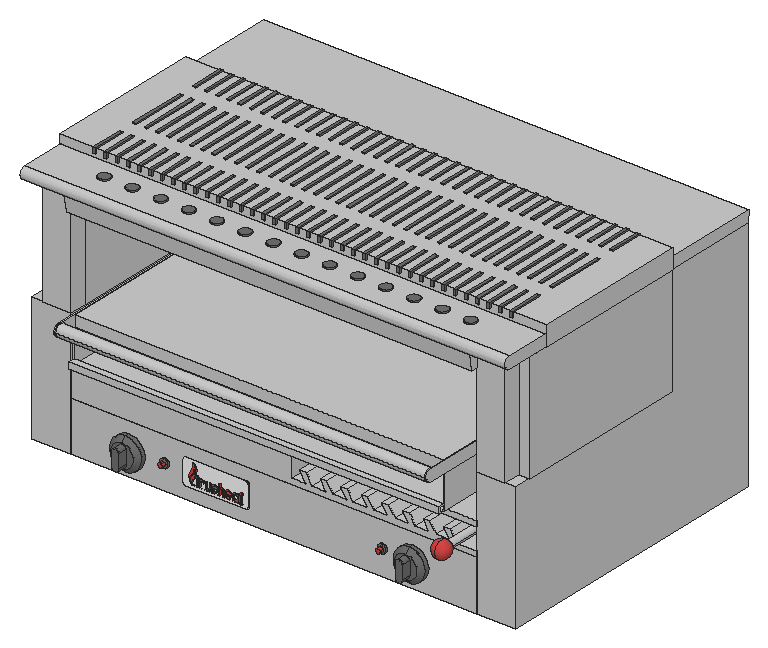
Revit family "QF_COMCATER ALL BRANDS_S86", category Specialty Equipment, Revit 2014 (continued)
Definition of nested family "QF_COMCATER ALL BRANDS_S86_Natural Gas"
  Lines and regions (mm)
    symbolic lines, style "200-EquipInternal-2D"
      curve 217: line (482.5, -485, 0) -> (482.5, -426.5, 0)
      curve 218: line (497.5, -426.5, 0) -> (497.5, -485, 0)
      curve 219: line (502.5, -485, 0) -> (502.5, -426.5, 0)
      curve 220: line (517.5, -426.5, 0) -> (517.5, -485, 0)
      curve 221: line (522.5, -485, 0) -> (522.5, -426.5, 0)
      curve 222: line (537.5, -426.5, 0) -> (537.5, -485, 0)
      curve 223: line (542.5, -485, 0) -> (542.5, -426.5, 0)
      curve 224: line (557.5, -426.5, 0) -> (557.5, -485, 0)
      curve 225: line (562.5, -485, 0) -> (562.5, -426.5, 0)
      curve 226: line (577.5, -426.5, 0) -> (577.5, -485, 0)
      curve 227: line (582.5, -485, 0) -> (582.5, -426.5, 0)
      curve 228: line (597.5, -426.5, 0) -> (597.5, -485, 0)
      curve 229: line (602.5, -485, 0) -> (602.5, -426.5, 0)
      curve 230: line (622.5, -485, 0) -> (622.5, -426.5, 0)
      curve 231: line (617.5, -426.5, 0) -> (617.5, -485, 0)
      curve 232: line (637.5, -426.5, 0) -> (637.5, -485, 0)
      curve 233: line (642.5, -485, 0) -> (642.5, -426.5, 0)
      curve 234: line (657.5, -426.5, 0) -> (657.5, -485, 0)
      curve 235: line (662.5, -485, 0) -> (662.5, -426.5, 0)
      curve 236: line (682.5, -485, 0) -> (682.5, -426.5, 0)
      curve 237: line (677.5, -426.5, 0) -> (677.5, -485, 0)
      curve 238: line (697.5, -426.5, 0) -> (697.5, -485, 0)
      curve 239: line (702.5, -485, 0) -> (702.5, -426.5, 0)
      curve 240: line (717.5, -426.5, 0) -> (717.5, -485, 0)
      curve 241: line (722.5, -485, 0) -> (722.5, -426.5, 0)
      curve 242: line (742.5, -485, 0) -> (742.5, -426.5, 0)
      curve 243: line (737.5, -426.5, 0) -> (737.5, -485, 0)
      curve 244: line (762.5, -485, 0) -> (762.5, -426.5, 0)
      curve 245: line (757.5, -426.5, 0) -> (757.5, -485, 0)
      curve 246: line (777.5, -426.5, 0) -> (777.5, -485, 0)
      curve 247: line (782.5, -485, 0) -> (782.5, -426.5, 0)
      curve 248: line (797.5, -426.5, 0) -> (797.5, -485, 0)
      curve 249: line (802.5, -485, 0) -> (802.5, -426.5, 0)
      curve 250: line (817.5, -426.5, 0) -> (817.5, -485, 0)
      curve 251: line (822.5, -485, 0) -> (822.5, -426.5, 0)
      curve 252: line (82.5, -396.5, 0) -> (77.5, -396.5, 0)
      curve 253: line (102.5, -396.5, 0) -> (97.5, -396.5, 0)
      curve 254: line (122.5, -396.5, 0) -> (117.5, -396.5, 0)
      curve 255: line (142.5, -396.5, 0) -> (137.5, -396.5, 0)
      curve 256: line (162.5, -396.5, 0) -> (157.5, -396.5, 0)
      curve 257: line (182.5, -396.5, 0) -> (177.5, -396.5, 0)
      curve 258: line (222.5, -396.5, 0) -> (217.5, -396.5, 0)
      curve 259: line (202.5, -396.5, 0) -> (197.5, -396.5, 0)
      curve 260: line (242.5, -396.5, 0) -> (237.5, -396.5, 0)
      curve 261: line (262.5, -396.5, 0) -> (257.5, -396.5, 0)
      curve 262: line (282.5, -396.5, 0) -> (277.5, -396.5, 0)
      curve 263: line (302.5, -396.5, 0) -> (297.5, -396.5, 0)
      curve 264: line (322.5, -396.5, 0) -> (317.5, -396.5, 0)
      curve 265: line (342.5, -396.5, 0) -> (337.5, -396.5, 0)
      curve 266: line (362.5, -396.5, 0) -> (357.5, -396.5, 0)
      curve 267: line (382.5, -396.5, 0) -> (377.5, -396.5, 0)
      curve 268: line (402.5, -396.5, 0) -> (397.5, -396.5, 0)
      curve 269: line (422.5, -396.5, 0) -> (417.5, -396.5, 0)
      curve 270: line (442.5, -396.5, 0) -> (437.5, -396.5, 0)
      curve 271: line (462.5, -396.5, 0) -> (457.5, -396.5, 0)
      curve 272: line (482.5, -396.5, 0) -> (477.5, -396.5, 0)
      curve 273: line (502.5, -396.5, 0) -> (497.5, -396.5, 0)
      curve 274: line (522.5, -396.5, 0) -> (517.5, -396.5, 0)
      curve 275: line (542.5, -396.5, 0) -> (537.5, -396.5, 0)
      curve 276: line (562.5, -396.5, 0) -> (557.5, -396.5, 0)
      curve 277: line (582.5, -396.5, 0) -> (577.5, -396.5, 0)
      curve 278: line (602.5, -396.5, 0) -> (597.5, -396.5, 0)
      curve 279: line (622.5, -396.5, 0) -> (617.5, -396.5, 0)
      curve 280: line (642.5, -396.5, 0) -> (637.5, -396.5, 0)
      curve 281: line (662.5, -396.5, 0) -> (657.5, -396.5, 0)
      curve 282: line (682.5, -396.5, 0) -> (677.5, -396.5, 0)
      curve 283: line (702.5, -396.5, 0) -> (697.5, -396.5, 0)
      curve 284: line (722.5, -396.5, 0) -> (717.5, -396.5, 0)
      curve 285: line (742.5, -396.5, 0) -> (737.5, -396.5, 0)
      curve 286: line (762.5, -396.5, 0) -> (757.5, -396.5, 0)
      curve 287: line (782.5, -396.5, 0) -> (777.5, -396.5, 0)
      curve 288: line (822.5, -396.5, 0) -> (817.5, -396.5, 0)
      curve 289: line (802.5, -396.5, 0) -> (797.5, -396.5, 0)
      curve 298: line (82.5, -263.5, 0) -> (77.5, -263.5, 0)
      curve 299: line (102.5, -263.5, 0) -> (97.5, -263.5, 0)
      curve 300: line (122.5, -263.5, 0) -> (117.5, -263.5, 0)
      curve 301: line (142.5, -263.5, 0) -> (137.5, -263.5, 0)
      curve 302: line (162.5, -263.5, 0) -> (157.5, -263.5, 0)
      curve 303: line (182.5, -263.5, 0) -> (177.5, -263.5, 0)
      curve 304: line (222.5, -263.5, 0) -> (217.5, -263.5, 0)
      curve 305: line (202.5, -263.5, 0) -> (197.5, -263.5, 0)
      curve 306: line (242.5, -263.5, 0) -> (237.5, -263.5, 0)
      curve 307: line (262.5, -263.5, 0) -> (257.5, -263.5, 0)
      curve 308: line (282.5, -263.5, 0) -> (277.5, -263.5, 0)
      curve 309: line (302.5, -263.5, 0) -> (297.5, -263.5, 0)
      curve 310: line (322.5, -263.5, 0) -> (317.5, -263.5, 0)
      curve 311: line (342.5, -263.5, 0) -> (337.5, -263.5, 0)
      curve 312: line (362.5, -263.5, 0) -> (357.5, -263.5, 0)
      curve 313: line (382.5, -263.5, 0) -> (377.5, -263.5, 0)
      curve 314: line (402.5, -263.5, 0) -> (397.5, -263.5, 0)
      curve 315: line (422.5, -263.5, 0) -> (417.5, -263.5, 0)
      curve 316: line (442.5, -263.5, 0) -> (437.5, -263.5, 0)
      curve 317: line (462.5, -263.5, 0) -> (457.5, -263.5, 0)
      curve 318: line (482.5, -263.5, 0) -> (477.5, -263.5, 0)
      curve 319: line (502.5, -263.5, 0) -> (497.5, -263.5, 0)
      curve 320: line (522.5, -263.5, 0) -> (517.5, -263.5, 0)
      curve 321: line (542.5, -263.5, 0) -> (537.5, -263.5, 0)
      curve 322: line (562.5, -263.5, 0) -> (557.5, -263.5, 0)
      curve 323: line (582.5, -263.5, 0) -> (577.5, -263.5, 0)
      curve 324: line (602.5, -263.5, 0) -> (597.5, -263.5, 0)
      curve 325: line (622.5, -263.5, 0) -> (617.5, -263.5, 0)
      curve 326: line (642.5, -263.5, 0) -> (637.5, -263.5, 0)
      curve 327: line (662.5, -263.5, 0) -> (657.5, -263.5, 0)
      curve 328: line (682.5, -263.5, 0) -> (677.5, -263.5, 0)
      curve 329: line (702.5, -263.5, 0) -> (697.5, -263.5, 0)
      curve 330: line (722.5, -263.5, 0) -> (717.5, -263.5, 0)
      curve 331: line (742.5, -263.5, 0) -> (737.5, -263.5, 0)
      curve 332: line (762.5, -263.5, 0) -> (757.5, -263.5, 0)
      curve 333: line (782.5, -263.5, 0) -> (777.5, -263.5, 0)
      curve 334: line (822.5, -263.5, 0) -> (817.5, -263.5, 0)
      curve 335: line (802.5, -263.5, 0) -> (797.5, -263.5, 0)
      curve 336: line (77.5, -263.5, 0) -> (77.5, -205, 0)
      curve 337: line (82.5, -205, 0) -> (82.5, -263.5, 0)
      curve 338: line (97.5, -263.5, 0) -> (97.5, -205, 0)
      curve 339: line (102.5, -205, 0) -> (102.5, -263.5, 0)
      curve 340: line (117.5, -263.5, 0) -> (117.5, -205, 0)
      curve 341: line (122.5, -205, 0) -> (122.5, -263.5, 0)
      curve 342: line (142.5, -205, 0) -> (142.5, -263.5, 0)
      curve 343: line (137.5, -263.5, 0) -> (137.5, -205, 0)
      curve 344: line (157.5, -263.5, 0) -> (157.5, -205, 0)
      curve 345: line (162.5, -205, 0) -> (162.5, -263.5, 0)
      curve 346: line (177.5, -263.5, 0) -> (177.5, -205, 0)
      curve 347: line (182.5, -205, 0) -> (182.5, -263.5, 0)
      curve 348: line (197.5, -263.5, 0) -> (197.5, -205, 0)
      curve 349: line (202.5, -205, 0) -> (202.5, -263.5, 0)
      curve 350: line (217.5, -263.5, 0) -> (217.5, -205, 0)
      curve 351: line (222.5, -205, 0) -> (222.5, -263.5, 0)
      curve 352: line (237.5, -263.5, 0) -> (237.5, -205, 0)
      curve 353: line (242.5, -205, 0) -> (242.5, -263.5, 0)
      curve 354: line (257.5, -263.5, 0) -> (257.5, -205, 0)
      curve 355: line (262.5, -205, 0) -> (262.5, -263.5, 0)
      curve 356: line (277.5, -263.5, 0) -> (277.5, -205, 0)
      curve 357: line (282.5, -205, 0) -> (282.5, -263.5, 0)
      curve 358: line (302.5, -205, 0) -> (302.5, -263.5, 0)
      curve 359: line (297.5, -263.5, 0) -> (297.5, -205, 0)
      curve 360: line (317.5, -263.5, 0) -> (317.5, -205, 0)
      curve 361: line (322.5, -205, 0) -> (322.5, -263.5, 0)
      curve 362: line (337.5, -263.5, 0) -> (337.5, -205, 0)
      curve 363: line (342.5, -205, 0) -> (342.5, -263.5, 0)
      curve 364: line (357.5, -263.5, 0) -> (357.5, -205, 0)
      curve 365: line (362.5, -205, 0) -> (362.5, -263.5, 0)
      curve 366: line (382.5, -205, 0) -> (382.5, -263.5, 0)
      curve 367: line (377.5, -263.5, 0) -> (377.5, -205, 0)
      curve 368: line (397.5, -263.5, 0) -> (397.5, -205, 0)
      curve 369: line (402.5, -205, 0) -> (402.5, -263.5, 0)
      curve 370: line (417.5, -263.5, 0) -> (417.5, -205, 0)
      curve 371: line (422.5, -205, 0) -> (422.5, -263.5, 0)
      curve 372: line (437.5, -263.5, 0) -> (437.5, -205, 0)
      curve 373: line (442.5, -205, 0) -> (442.5, -263.5, 0)
      curve 374: line (457.5, -263.5, 0) -> (457.5, -205, 0)
      curve 375: line (462.5, -205, 0) -> (462.5, -263.5, 0)
      curve 376: line (477.5, -263.5, 0) -> (477.5, -205, 0)
      curve 377: line (482.5, -205, 0) -> (482.5, -263.5, 0)
      curve 378: line (497.5, -263.5, 0) -> (497.5, -205, 0)
      curve 379: line (502.5, -205, 0) -> (502.5, -263.5, 0)
      curve 380: line (517.5, -263.5, 0) -> (517.5, -205, 0)
      curve 381: line (522.5, -205, 0) -> (522.5, -263.5, 0)
      curve 382: line (537.5, -263.5, 0) -> (537.5, -205, 0)
      curve 383: line (542.5, -205, 0) -> (542.5, -263.5, 0)
      curve 384: line (557.5, -263.5, 0) -> (557.5, -205, 0)
      curve 385: line (562.5, -205, 0) -> (562.5, -263.5, 0)
      curve 386: line (577.5, -263.5, 0) -> (577.5, -205, 0)
      curve 387: line (582.5, -205, 0) -> (582.5, -263.5, 0)
      curve 388: line (597.5, -263.5, 0) -> (597.5, -205, 0)
      curve 389: line (602.5, -205, 0) -> (602.5, -263.5, 0)
      curve 390: line (622.5, -205, 0) -> (622.5, -263.5, 0)
      curve 391: line (617.5, -263.5, 0) -> (617.5, -205, 0)
      curve 392: line (637.5, -263.5, 0) -> (637.5, -205, 0)
      curve 393: line (642.5, -205, 0) -> (642.5, -263.5, 0)
      curve 394: line (657.5, -263.5, 0) -> (657.5, -205, 0)
      curve 395: line (662.5, -205, 0) -> (662.5, -263.5, 0)
      curve 396: line (682.5, -205, 0) -> (682.5, -263.5, 0)
      curve 397: line (677.5, -263.5, 0) -> (677.5, -205, 0)
      curve 398: line (697.5, -263.5, 0) -> (697.5, -205, 0)
      curve 399: line (702.5, -205, 0) -> (702.5, -263.5, 0)
      curve 400: line (717.5, -263.5, 0) -> (717.5, -205, 0)
      curve 401: line (722.5, -205, 0) -> (722.5, -263.5, 0)
      curve 402: line (742.5, -205, 0) -> (742.5, -263.5, 0)
      curve 403: line (737.5, -263.5, 0) -> (737.5, -205, 0)
      curve 404: line (762.5, -205, 0) -> (762.5, -263.5, 0)
      curve 405: line (757.5, -263.5, 0) -> (757.5, -205, 0)
      curve 406: line (777.5, -263.5, 0) -> (777.5, -205, 0)
      curve 407: line (782.5, -205, 0) -> (782.5, -263.5, 0)
      curve 408: line (797.5, -263.5, 0) -> (797.5, -205, 0)
      curve 409: line (802.5, -205, 0) -> (802.5, -263.5, 0)
      curve 410: line (817.5, -263.5, 0) -> (817.5, -205, 0)
      curve 411: line (822.5, -205, 0) -> (822.5, -263.5, 0)
  Dimensions and locks
    plane 1 "Back" to plane 5 "Front" = 515 mm
    plane 6 "Top" to level = 440 mm  (x2)
    plane 3 "Left" to plane 4 "Right" = 900 mm
    plane 5 "Front" to plane 1 "Back" = 515 mm
    plane 4 "Right" to plane 3 "Left" = 900 mm
    aligned and locked: level to plane 2
  Connectors
    piping at (580, -25, 45), diameter 19
      settings: on Extrusion 4, index 1, connector inside diameter 609.6 mm, connector length 0 mm, flow factor 0, pipe flow 0.0 L/s, pressure drop 0.0 Pa, fitting loss kfactor 0, connector angle 0.00°, fixture units 0, engagement length 0 mm, angle of deflection 0.00°, flow configuration 1, flow direction 1, fitting loss method 0, system type 22, joint type 0, gender type 0, connector reference index -1, connector utility 0, adjustable connector no, is connector primary yes, connector description "Gas Inlet"
Types (2, lengths in mm): name | Nominal Gas power | Gas power kW | BTUH
  S86_Natural Gas | 6700 W | 6.7 | 6700 W
  S86_LPG | 6200 W | 6.2 | 6200 W
